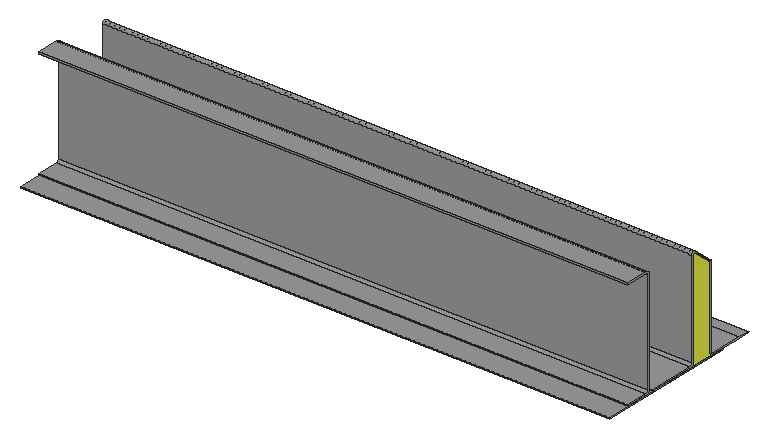
Revit family "SK 50 215 WIL", category Generic Models, Revit 2014
Parameters (values of type "Max lintel length 4000mm")
  URL = "http://www.keystonelintels.co.uk"
  Structural Opening [instance] = 900 mm
  Structural Performance = "The Keystone lintel range has safe working loads as detailed in each applicable loading table in the Keystone Lintel Guide brochure. The structural performance figures within each table have been ascertained by testing in accordance with the requirements of standards BS EN 5977-2: 1983 and BS EN 845-2: 2003."
  RIBA Productor Selector = "available for Keystone Lintels Ltd from Keystone Lintels Ltd from ribaproductselector.com"
  Model = "SK/50 215 WIL"
  Min Length = 600 mm
  Min Clear Span = 300 mm
  Max Length = 4000 mm
  Max Clear Span = 4000 mm
  Material - Stainless Steel = "Grade 304 2b 1.4307 to BS EN 10088-2. Other grades available on request: contact manufacturer."
  Material - Galvanised Steel = "To BS EN 10346: 2009. DX51D plus Z600 or grade Z275 to BS 5977-2: 1983 (BS EN 845-2: 2003)."
  Manufacturer = "Keystone"
  Manufactured Length [instance] = (roundup(Effective Length / 150 mm) * 150 mm)  # 1200 mm
  Lintel height [instance] = 2100 mm
  Keynote = "F30/755"
  Fire Performance = "Keystone lintels have been subjected to a fire test (WARRES No. 101263) in accordance with BS 476-20: 1987, at Exova Warrington Fire and achieved a one hour fire performance."
  End Bearing = 150 mm
  Effective Length [instance] = Clear Opening with MIN MAX set + End Bearing * 2  # 1200 mm
  Corrosion = "Keystone’s standard range of lintels are manufactured from high quality grade pre-galvanized carbon steel with a zinc coating of 600"
  Contact Tel = "+44 (0)28 8676 2184"
  Contact Email = "info@keystonelintels.co.uk"
  Clear Opening with MIN MAX set [instance] = if(Structural Opening < Min Clear Span, Min Clear Span, (if(Structural Opening > Max Clear Span, Max Clear Span, Structural Opening)))  # 900 mm
  CPD Information = "Available for Keystone Lintels Ltd from ribacpd.com"
Reference planes
  plane 1 "Center (Front/Back)": y = 0
  plane 2: z = 0
  plane 3 "Center (Left/Right)": x = 0
  plane 4: x = -600
  plane 5: x = 600
  plane 6: z = 2100
  plane 7: x = -450
  plane 8: x = 450
Forms (mm)
  Extrusion 1, solid, material "Steel"
    sketch origin (0, 658.201, -499.241) x (0, 1, 0) y (0, 0, 1)
      loop
        line (-565.537, 2599.241) -> (-540.588, 2598.365) -> (-540.486, 2601.263) -> (-565.486, 2602.141) -> (-630.486, 2602.141)
        arc (-630.486, 2602.141) -> (-634.022, 2603.606) -> (-635.486, 2607.141) r 5
        line (-635.486, 2607.141) -> (-635.486, 2771.324)
        arc (-635.486, 2771.324) -> (-635.945, 2773.395) -> (-637.237, 2775.078) r 4.9
        line (-637.237, 2775.078) -> (-675.437, 2807.125)
        arc (-675.437, 2807.125) -> (-680.657, 2807.812) -> (-683.486, 2803.371) r 4.9
        line (-683.486, 2803.371) -> (-683.486, 2607.141)
        arc (-683.486, 2607.141) -> (-684.951, 2603.606) -> (-688.486, 2602.141) r 5
        line (-688.486, 2602.141) -> (-783.486, 2602.141) -> (-783.486, 2599.241) -> (-688.486, 2599.241)
        arc (-688.486, 2599.241) -> (-682.9, 2601.555) -> (-680.586, 2607.141) r 7.9
        line (-680.586, 2607.141) -> (-680.586, 2803.371)
        arc (-680.586, 2803.371) -> (-679.432, 2805.183) -> (-677.301, 2804.903) r 2
        line (-677.301, 2804.903) -> (-639.101, 2772.856)
        arc (-639.101, 2772.856) -> (-638.574, 2772.169) -> (-638.386, 2771.324) r 2
        line (-638.386, 2771.324) -> (-638.386, 2607.141)
        arc (-638.386, 2607.141) -> (-636.072, 2601.555) -> (-630.486, 2599.241) r 7.9
        line (-630.486, 2599.241) -> (-565.537, 2599.241)
    from -600 to 600
  Extrusion 2, solid, material "Steel"
    sketch origin (0, 658.201, -499.241) x (0, 1, 0) y (0, 0, 1)
      loop
        line (-606.486, 2596.741) -> (-606.486, 2599.241) -> (-893.486, 2599.241) -> (-893.486, 2596.741) -> (-606.486, 2596.741)
    from -600 to 600
  Extrusion 3, solid, material "Steel"
    sketch origin (0, 658.701, -499.241) x (0, 1, 0) y (0, 0, 1)
      loop
        line (-846.986, 2599.241) -> (-800.986, 2599.241)
        arc (-800.986, 2599.241) -> (-795.683, 2601.438) -> (-793.486, 2606.741) r 7.5
        line (-793.486, 2606.741) -> (-793.486, 2816.241)
        arc (-793.486, 2816.241) -> (-795.683, 2821.544) -> (-800.986, 2823.741) r 7.5
        line (-800.986, 2823.741) -> (-846.986, 2823.741) -> (-846.986, 2821.241) -> (-800.986, 2821.241)
        arc (-800.986, 2821.241) -> (-797.451, 2819.777) -> (-795.986, 2816.241) r 5
        line (-795.986, 2816.241) -> (-795.986, 2606.741)
        arc (-795.986, 2606.741) -> (-797.451, 2603.206) -> (-800.986, 2601.741) r 5
        line (-800.986, 2601.741) -> (-846.986, 2601.741) -> (-846.986, 2599.241)
    from -600 to 600
  Extrusion 4, solid, not visible
    sketch origin (0, 981.23, 1295.698) x (0, 1, 0) y (0, 0, 1)
      loop
        line (-565.537, 999.241) -> (-540.588, 998.365) -> (-540.486, 1001.263) -> (-565.486, 1002.141) -> (-630.486, 1002.141)
        arc (-630.486, 1002.141) -> (-634.022, 1003.606) -> (-635.486, 1007.141) r 5
        line (-635.486, 1007.141) -> (-635.486, 1171.324)
        arc (-635.486, 1171.324) -> (-635.945, 1173.395) -> (-637.237, 1175.078) r 4.9
        line (-637.237, 1175.078) -> (-675.437, 1207.125)
        arc (-675.437, 1207.125) -> (-680.657, 1207.812) -> (-683.486, 1203.371) r 4.9
        line (-683.486, 1203.371) -> (-683.486, 1007.141)
        arc (-683.486, 1007.141) -> (-684.951, 1003.606) -> (-688.486, 1002.141) r 5
        line (-688.486, 1002.141) -> (-783.486, 1002.141) -> (-783.486, 999.241) -> (-688.486, 999.241)
        arc (-688.486, 999.241) -> (-682.9, 1001.555) -> (-680.586, 1007.141) r 7.9
        line (-680.586, 1007.141) -> (-680.586, 1203.371)
        arc (-680.586, 1203.371) -> (-679.432, 1205.183) -> (-677.301, 1204.903) r 2
        line (-677.301, 1204.903) -> (-639.101, 1172.856)
        arc (-639.101, 1172.856) -> (-638.574, 1172.169) -> (-638.386, 1171.324) r 2
        line (-638.386, 1171.324) -> (-638.386, 1007.141)
        arc (-638.386, 1007.141) -> (-636.072, 1001.555) -> (-630.486, 999.241) r 7.9
        line (-630.486, 999.241) -> (-565.537, 999.241)
    from 0 to 250
  Extrusion 5, solid, not visible
    sketch origin (0, 658.931, 1287.211) x (0, 1, 0) y (0, 0, 1)
      loop
        line (-846.986, 999.241) -> (-800.986, 999.241)
        arc (-800.986, 999.241) -> (-795.683, 1001.438) -> (-793.486, 1006.741) r 7.5
        line (-793.486, 1006.741) -> (-793.486, 1216.241)
        arc (-793.486, 1216.241) -> (-795.683, 1221.544) -> (-800.986, 1223.741) r 7.5
        line (-800.986, 1223.741) -> (-846.986, 1223.741) -> (-846.986, 1221.241) -> (-800.986, 1221.241)
        arc (-800.986, 1221.241) -> (-797.451, 1219.777) -> (-795.986, 1216.241) r 5
        line (-795.986, 1216.241) -> (-795.986, 1006.741)
        arc (-795.986, 1006.741) -> (-797.451, 1003.206) -> (-800.986, 1001.741) r 5
        line (-800.986, 1001.741) -> (-846.986, 1001.741) -> (-846.986, 999.241)
    from 0 to 250
  Extrusion 6, solid, not visible
    sketch origin (0, 1012.834, 1024.35) x (0, 1, 0) y (0, 0, 1)
      loop
        line (-606.486, 996.741) -> (-606.486, 999.241) -> (-893.486, 999.241) -> (-893.486, 996.741) -> (-606.486, 996.741)
    from 0 to 250
  Extrusion 7, solid, material "Insulation"
    sketch origin (0, 658.201, -499.241) x (0, 1, 0) y (0, 0, 1)
      loop
        line (-638.386, 2607.141) -> (-638.386, 2771.324)
        arc (-638.386, 2771.324) -> (-638.574, 2772.169) -> (-639.101, 2772.856) r 2
        line (-639.101, 2772.856) -> (-677.301, 2804.903)
        arc (-677.301, 2804.903) -> (-679.432, 2805.183) -> (-680.586, 2803.371) r 2
        line (-680.586, 2803.371) -> (-680.586, 2607.141)
        arc (-680.586, 2607.141) -> (-682.9, 2601.555) -> (-688.486, 2599.241) r 7.9
        line (-688.486, 2599.241) -> (-630.486, 2599.241)
        arc (-630.486, 2599.241) -> (-636.072, 2601.555) -> (-638.386, 2607.141) r 7.9
    from -600 to 600
  Extrusion 8, solid, not visible
    sketch origin (0, 932.423, 1230.659) x (0, 1, 0) y (0, 0, 1)
      loop
        line (-638.386, 1007.141) -> (-638.386, 1171.324)
        arc (-638.386, 1171.324) -> (-638.574, 1172.169) -> (-639.101, 1172.856) r 2
        line (-639.101, 1172.856) -> (-677.301, 1204.903)
        arc (-677.301, 1204.903) -> (-679.432, 1205.183) -> (-680.586, 1203.371) r 2
        line (-680.586, 1203.371) -> (-680.586, 1007.141)
        arc (-680.586, 1007.141) -> (-682.9, 1001.555) -> (-688.486, 999.241) r 7.9
        line (-688.486, 999.241) -> (-630.486, 999.241)
        arc (-630.486, 999.241) -> (-636.072, 1001.555) -> (-638.386, 1007.141) r 7.9
    from 0 to 250
Dimensions and locks
  equal spacing: plane 4, plane 3 "Center (Left/Right)", plane 5
  "Manufactured Length": plane 4 to plane 5
  "Lintel height": plane 6 to level
  "Structural Opening": plane 7 to plane 8
  equal spacing: plane 7, plane 3 "Center (Left/Right)", plane 8
  aligned and locked: level to plane 2
  aligned and locked: Extrusion 1 to plane 6  (x2)
  aligned and locked: Extrusion 7 to plane 6
  aligned and locked: plane 6 to Extrusion 2  (x2)
  aligned and locked: Extrusion 3 to plane 6
  aligned and locked: plane 5 to Extrusion 2
  aligned and locked: Extrusion 2 to plane 4
  aligned and locked: Extrusion 3 to plane 4
  aligned and locked: plane 5 to Extrusion 3
  aligned and locked: plane 5 to Extrusion 1
  aligned and locked: Extrusion 1 to plane 4
  aligned and locked: plane 5 to Extrusion 7
  aligned and locked: Extrusion 7 to plane 4
Automatic sketch dimensions
  Extrusion 1 sketch curve to Extrusion 1 sketch curve = 24.949 mm
  Extrusion 1 sketch curve to Extrusion 1 sketch curve = 0.102 mm
  Extrusion 1 sketch curve to Extrusion 1 sketch curve = 0.877 mm
  Extrusion 1 sketch curve to Extrusion 1 sketch curve = 0.051 mm
  Extrusion 1 sketch curve to Extrusion 1 sketch curve = 64.949 mm
  Extrusion 1 sketch curve to Extrusion 1 sketch curve = 0 mm  (x17)
  Extrusion 1 sketch curve to Extrusion 1 sketch curve = 5 mm  (x2)
  Extrusion 1 sketch curve to Extrusion 1 sketch curve = 164.183 mm
  Extrusion 1 sketch curve to Extrusion 1 sketch curve = 2 mm
  Extrusion 1 sketch curve to Extrusion 1 sketch curve = 0.715 mm
  Extrusion 1 sketch curve to Extrusion 1 sketch curve = 1.864 mm  (x2)
  Extrusion 1 sketch curve to Extrusion 1 sketch curve = 38.2 mm
  Extrusion 1 sketch curve to Extrusion 1 sketch curve = 32.047 mm
  Extrusion 1 sketch curve to Extrusion 1 sketch curve = 2.222 mm
  Extrusion 1 sketch curve to Extrusion 1 sketch curve = 1.285 mm
  Extrusion 1 sketch curve to Extrusion 1 sketch curve = 1.532 mm
  Extrusion 1 sketch curve to Extrusion 1 sketch curve = 95 mm
  Extrusion 2 sketch curve to Extrusion 2 sketch curve = 287 mm
  Extrusion 2 sketch curve to Extrusion 2 sketch curve = 2.5 mm
  Extrusion 3 sketch curve to Extrusion 3 sketch curve = 7.5 mm
  Extrusion 3 sketch curve to Extrusion 3 sketch curve = 46 mm  (x2)
  Extrusion 3 sketch curve to Extrusion 3 sketch curve = 0 mm  (x8)
  Extrusion 3 sketch curve to Extrusion 3 sketch curve = 2.5 mm
  Extrusion 3 sketch curve to Extrusion 3 sketch curve = 209.5 mm
  Extrusion 3 sketch curve to Extrusion 3 sketch curve = 5 mm
  Extrusion 4 sketch curve to Extrusion 4 sketch curve = 24.949 mm
  Extrusion 4 sketch curve to Extrusion 4 sketch curve = 0.102 mm
  Extrusion 4 sketch curve to Extrusion 4 sketch curve = 0.877 mm
  Extrusion 4 sketch curve to Extrusion 4 sketch curve = 0.051 mm
  Extrusion 4 sketch curve to Extrusion 4 sketch curve = 64.949 mm
  Extrusion 4 sketch curve to Extrusion 4 sketch curve = 0 mm  (x17)
  Extrusion 4 sketch curve to Extrusion 4 sketch curve = 5 mm  (x2)
  Extrusion 4 sketch curve to Extrusion 4 sketch curve = 164.183 mm
  Extrusion 4 sketch curve to Extrusion 4 sketch curve = 2 mm
  Extrusion 4 sketch curve to Extrusion 4 sketch curve = 0.715 mm
  Extrusion 4 sketch curve to Extrusion 4 sketch curve = 1.864 mm  (x2)
  Extrusion 4 sketch curve to Extrusion 4 sketch curve = 38.2 mm
  Extrusion 4 sketch curve to Extrusion 4 sketch curve = 32.047 mm
  Extrusion 4 sketch curve to Extrusion 4 sketch curve = 2.222 mm
  Extrusion 4 sketch curve to Extrusion 4 sketch curve = 1.285 mm
  Extrusion 4 sketch curve to Extrusion 4 sketch curve = 1.532 mm
  Extrusion 4 sketch curve to Extrusion 4 sketch curve = 95 mm
  Extrusion 5 sketch curve to Extrusion 5 sketch curve = 7.5 mm
  Extrusion 5 sketch curve to Extrusion 5 sketch curve = 46 mm  (x2)
  Extrusion 5 sketch curve to Extrusion 5 sketch curve = 0 mm  (x8)
  Extrusion 5 sketch curve to Extrusion 5 sketch curve = 2.5 mm
  Extrusion 5 sketch curve to Extrusion 5 sketch curve = 209.5 mm
  Extrusion 5 sketch curve to Extrusion 5 sketch curve = 5 mm
  Extrusion 6 sketch curve to Extrusion 6 sketch curve = 287 mm
  Extrusion 6 sketch curve to Extrusion 6 sketch curve = 2.5 mm
  Extrusion 7 sketch curve to Extrusion 7 sketch curve = 7.9 mm  (x2)
  Extrusion 7 sketch curve to Extrusion 7 sketch curve = 2 mm
  Extrusion 7 sketch curve to Extrusion 7 sketch curve = 1.285 mm  (x2)
  Extrusion 7 sketch curve to Extrusion 7 sketch curve = 38.2 mm
  Extrusion 7 sketch curve to Extrusion 7 sketch curve = 42.2 mm
  Extrusion 7 sketch curve to Extrusion 7 sketch curve = 164.183 mm
  Extrusion 7 sketch curve to Extrusion 7 sketch curve = 32.047 mm
  Extrusion 8 sketch curve to Extrusion 8 sketch curve = 7.9 mm  (x2)
  Extrusion 8 sketch curve to Extrusion 8 sketch curve = 2 mm
  Extrusion 8 sketch curve to Extrusion 8 sketch curve = 1.285 mm  (x2)
  Extrusion 8 sketch curve to Extrusion 8 sketch curve = 38.2 mm
  Extrusion 8 sketch curve to Extrusion 8 sketch curve = 42.2 mm
  Extrusion 8 sketch curve to Extrusion 8 sketch curve = 164.183 mm
  Extrusion 8 sketch curve to Extrusion 8 sketch curve = 32.047 mm
  Extrusion 7 sketch curve to plane 6 = 0 mm
  plane 1 "Center (Front/Back)" to Extrusion 7 sketch curve = 30.285 mm
  Extrusion 3 sketch curve to plane 6 = 0 mm
  plane 1 "Center (Front/Back)" to Extrusion 3 sketch curve = 188.285 mm
  Extrusion 1 sketch curve to plane 6 = 0 mm
  plane 1 "Center (Front/Back)" to Extrusion 1 sketch curve = 125.285 mm
  Extrusion 2 sketch curve to plane 6 = 0 mm
  plane 1 "Center (Front/Back)" to Extrusion 2 sketch curve = 235.285 mm
